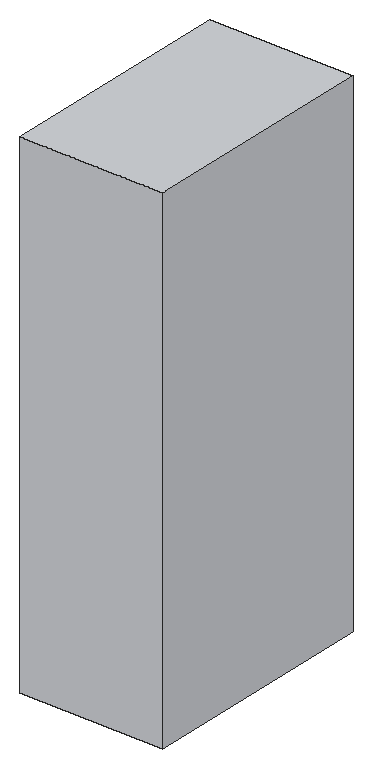
Revit family "第二期車站01_RTU機櫃_600x1000x2100", category 電氣設備, Revit 2025
Family settings
  面板規劃 = 兩欄，回路穿越
  圓形接點標註 = 使用直徑
  組件類型 = 分電盤
  OmniClass 編號 = 23.80.30.11.17
  OmniClass 標題 = Distribution Boards and Control Panels
  以工作平面為基礎 = 否
  總是垂直 = 是
  載入時使用空心切割 = 否
  維持標註方位 = 否
  共用 = 否
  房間計算點 = 否
Parameters (values of type "RTU 與網路機櫃")
  built-in parameter 1155100 [instance] = -1
  Default Elevation = 0 mm
  built-in parameter 1140142 [instance] = -1
  SCADA_高mm [instance] = "2100"
  SCADA_附錄F項次 [instance] = "19"
  SCADA_附錄D項次 [instance] = "10"
  SCADA_編號 [instance] = "P2S01-COMS-RTU-01"
  SCADA_站點 [instance] = "車站 1"
  SCADA_深mm [instance] = "1000"
  SCADA_機櫃類型 [instance] = "RTU 與網路機櫃"
  SCADA_期別 [instance] = "第二期"
  SCADA_房間 [instance] = "COMS/SCADA 設備室"
  SCADA_建物 [instance] = "車站"
  SCADA_尺寸 [instance] = "600W×1000D×2100H"
  SCADA_寬mm [instance] = "600"
  SCADA_定位來源 [instance] = "獨立設備族群（載入專案後定位）"
  SCADA_備註 [instance] = ""
  SCADA_來源文件 [instance] = "Installation SoW_V6（Rev.006, 2026-07-02）附錄 D / F；依原文顏色標示排除已刪除項目"
  SCADA_UPS電源110V [instance] = "雙 UPS 電源（2×4500VA）"
  built-in parameter 1140140 [instance] = 1 (stored number, unit not read)
Reference planes
  plane 1 "中心 (前/後)": y = 0
  plane 2: z = 0
  plane 3 "中心 (左/右)": x = 0
Forms (mm)
  Extrusion 1, solid
    sketch origin (0, 0, 0) x (1, 0, 0) y (0, 1, 0)
      loop
        line (-300, -500) -> (300, -500) -> (300, 500) -> (-300, 500) -> (-300, -500)
    from 0 to 2100
Lines and regions (mm)
  symbolic lines, style "開門線"
    curve 1: line (300, -500, 0) -> (300, -1100, 0)
    curve 2: arc (-300, -500, 0) -> (-124.264, -924.264, 0) -> (300, -1100, 0) r 600
    curve 3: line (-300, 500, 0) -> (-300, 1100, 0)
    curve 4: arc (300, 500, 0) -> (124.264, 924.264, 0) -> (-300, 1100, 0) r 600
Dimensions and locks
  aligned and locked: level to plane 2
